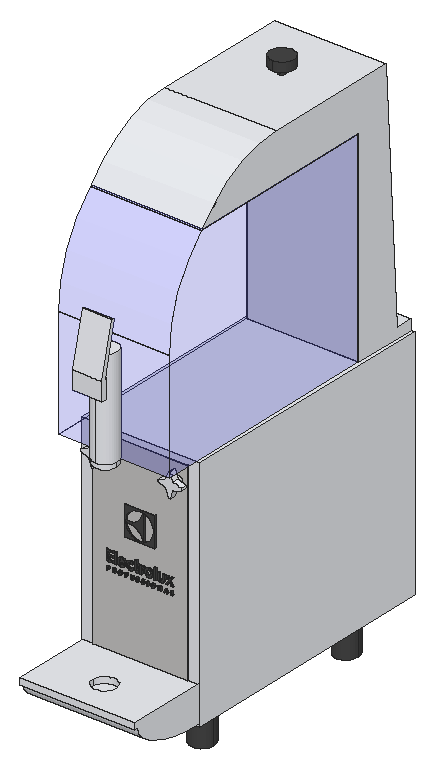
Revit family "QF_ELECTROLUXPROFESSIONAL_562548_IPRO1MR290", category Attrezzature speciali, Revit 2020
Family settings
  Quota connettore circolare = Usa diametro
  Tipo di parte = Normale
  Basato su piano di lavoro = No
  Sempre verticale = Sì
  Taglio con vuoti quando caricato = No
  Condiviso = No
  Punto di calcolo locali = No
Parameters (values of type "Standard")
  Weight = 39.00 kg
  Watts = 480 W
  Volts = 220 V
  URL Manufacturer = "https://www.electroluxprofessional.com/"
  URL = "https://www.electroluxprofessional.com/"
  Steam Supply Size = 0 mm
  Steam Supply Minimum Pressure = 0.0 Pa
  Steam Supply Maximum Pressure = 0.0 Pa
  Steam Consumption per Hour = 0
  Show Logo [instance] = yes
  Show Clearance [instance] = yes
  Refrigeration Suction Line Size = 0 mm
  Refrigeration Liquid Line Size = 0 mm
  Refrigerant Compressor Remote = yes
  Prospetto di default = 0 mm
  Produttore = "Electrolux Professional"
  Phase = 1
  Modello = "IPRO1MR290"
  Length Actual = 200 mm  # constant formula
  Item Number = "562548"
  Hot Water Size = 0 mm
  Height Actual = 870 mm  # constant formula
  HP = "0.6 HP"
  Gas Size = 0 mm
  Gas KW = 0
  Gas Input Pressure = 0 W
  Direct Waste Size = 0 mm
  Descrizione = "1X11 LT BOWL - FROZEN GRANITA DISPENSER - MECHANICAL CONTROL - 1 INSULATED BOWL - WHITE, R290"
  Depth Actual = 580 mm  # constant formula
  Cycle = 50 Hz
  Condensate Return Size = 0 mm
  Compressed Air Volume = 0.0 L/s
  Compressed Air Size = 0 mm
  Compressed Air Pressure = 0.0 Pa
  Cold Water Size = 0 mm
  Accessory = yes
Reference planes
  plane 1: z = 0
  plane 2 "LEFT": x = -300
  plane 3 "BACK": y = 282.5
  plane 4: z = 876
  plane 5: z = 449
  plane 6: z = 113
  plane 7: z = 903
  plane 8: x = -100.125
  plane 9: y = -305.294
Forms (mm)
  Extrusion 1, solid, material "QF_Finishes_White"
    sketch origin (0, 0, 0) x (1, 0, 0) y (0, 1, 0)
      loop
        line (-300, 282.5) -> (-300, -171.294) -> (-100.125, -171.294) -> (-100.125, 282.5) -> (-300, 282.5)
    from 50 to 449
  Extrusion 2, solid, material "QF_Finishes_Stainless Steel"
    sketch origin (15.789, -8.294, 3) x (1, 0, 0) y (0, 1, 0)
      loop
        line (-135.914, -163) -> (-295.914, -163) -> (-295.914, -163.8) -> (-135.914, -163.8) -> (-135.914, -163)
    from 110 to 436
  Extrusion 3, solid, material "QF_Finishes_Stainless Steel"
    sketch origin (-546.596, -222.273, 48) x (0, -1, 0) y (1, 0, 0)
      loop
        line (-163.023, 407.596) -> (-163.023, 427.596) -> (-183.023, 427.596) -> (-183.023, 407.596) -> (-163.023, 407.596)
    from 0 to 2
Dimensions and locks
  plane 4 to level = 876 mm
  level to plane 7 = 903 mm
  plane 6 to level = 113 mm
  plane 5 to plane 6 = 336 mm
  plane 3 "BACK" to nested 12 = 569.125 mm
  Extrusion 1 to nested 5 = 587.794 mm
  plane 2 "LEFT" to plane 8 = 199.875 mm
  plane 9 to plane 3 "BACK" = 587.794 mm
  aligned and locked: level to plane 1
Nested families
  nested 1: "MANOPOLA BEVERAGE" at (-265, -172.094, 413) x (0, 0, 1) z (0, -1, 0), type "MANOPOLA BEVERAGE"
  nested 2: "MANOPOLA BEVERAGE" at (-135.125, -172.094, 413) x (0, 0, 1) z (0, -1, 0), type "MANOPOLA BEVERAGE"
  nested 3: "MANOPOLA APERTURA BEVERAGE " at (-198.5, 124.79, 876) x (0, 1, 0) z (0, 0, 1), type "MANOPOLA APERTURA BEVERAGE "
  nested 4: "PORTAGRANITE BEVERAGE-taller" at (-200, 28.972, 449), type "PORTAGRANITE BEVERAGE-taller"
  nested 5: "VASCHETTA BEVERAGE" at (-200.063, -171.294, 83) x (1, 0, 0) z (0, -1, 0), type "VASCHETTA BEVERAGE"
  nested 6: "ELXP_LOGO_ONLY_MEDIUM" at (-200.125, -172.094, 319) x (1, 0, 0) z (0, -1, 0), Show Logo <- "Show Logo", visible <- "Show Logo", type "ELXP_LOGO_ONLY_MEDIUM"
    with Show Logo yes
  nested 7: "ELX_LOGO_WORDS_MEDIUM" at (-200, -172.094, 249.611) x (1, 0, 0) z (0, -1, 0), visible <- "Show Logo", Show Logo <- "Show Logo", type "ELX_LOGO_WORDS_MEDIUM"
    with Show Logo yes
  nested 8: "Piedino 50x40 BEVERAGE" at (-271, 174.5, 0), type "Piedino 50x40 BEVERAGE"
    with H 150 mm
  nested 9: "Piedino 50x40 BEVERAGE" at (-271, -130.5, 0), type "Piedino 50x40 BEVERAGE"
    with H 150 mm
  nested 10: "Piedino 50x40 BEVERAGE" at (-129, 174.5, 0), type "Piedino 50x40 BEVERAGE"
    with H 150 mm
  nested 11: "Piedino 50x40 BEVERAGE" at (-129, -130.5, 0), type "Piedino 50x40 BEVERAGE"
    with H 150 mm
  nested 12: "BOCCHETTONE BEVERAGE_large" at (-198.625, -228.664, 567) x (1, 0, 0) z (0, -1, 0), type "BOCCHETTONE BEVERAGE_large"
Connectors
  electrical at (-129, -49.25, 48), driven by "Volts"
    settings: on Extrusion 3, index 73, voltage 220 V, apparent load 0 VA, apparent load phase1 0 VA, apparent load phase2 0 VA, apparent load phase3 0 VA, power factor 1, load classification "Altro", number of poles 1, system type 30, power factor state 1, is connector primary yes, connector utility no, sub classification motor no, connector description "Electrical Connection"
Definition of nested family "MANOPOLA BEVERAGE"
  Parameters (values of type "MANOPOLA BEVERAGE")
    Default Elevation = 1219.2 mm
  Reference planes
    plane 1 "Centro (Fronte/Retro)": y = 0
    plane 2: z = 0
    plane 3 "Centro (Sinistra/Destra)": x = 0
    plane 4: z = 20
  Forms (mm)
    Extrusion 1, solid
      sketch origin (0, 0, 0) x (1, 0, 0) y (0, 1, 0)
        loop
          line (-1219.2, 1219.2) -> (-1219.2, -1219.2) -> (1219.2, -1219.2) -> (1219.2, 1219.2) -> (-1219.2, 1219.2)
      from 0 to -304.8
    Extrusion 2, solid
      sketch origin (0, 0, 10) x (1, 0, 0) y (0, 1, 0)
        loop
          line (-20, -1.333) -> (-6.314, -6.314) -> (-1.333, -20) -> (1.333, -20) -> (6.314, -6.314) -> (20, -1.333) -> (20, 1.333) -> (6.314, 6.314) -> (1.333, 20) -> (-1.333, 20) -> (-6.314, 6.314) -> (-20, 1.333) -> (-20, -1.333)
      from 0 to 10
    Extrusion 3, solid
      sketch origin (0, 0, 0) x (1, 0, 0) y (0, 1, 0)
        loop
          circle (0, 0) r 5
      from 0 to 10
  Dimensions and locks
    aligned and locked: plane 2 to Extrusion 1
    aligned and locked: level to Extrusion 1
Definition of nested family "MANOPOLA APERTURA BEVERAGE "
  Parameters (values of type "MANOPOLA APERTURA BEVERAGE ")
    Default Elevation = 1219.2 mm
  Reference planes
    plane 1 "Centro (Fronte/Retro)": y = 0
    plane 2: z = 0
    plane 3 "Centro (Sinistra/Destra)": x = 0
    plane 4: z = 27
  Forms (mm)
    Extrusion 1, solid
      sketch origin (0, 0, 0) x (1, 0, 0) y (0, 1, 0)
        loop
          line (-1219.2, 1219.2) -> (-1219.2, -1219.2) -> (1219.2, -1219.2) -> (1219.2, 1219.2) -> (-1219.2, 1219.2)
      from 0 to -304.8
    Extrusion 2, solid
      sketch origin (0, 0, 0) x (1, 0, 0) y (0, 1, 0)
        loop
          circle (0, 0) r 5
      from 0 to 12
    Extrusion 3, solid
      sketch origin (0, 0, 12) x (1, 0, 0) y (0, 1, 0)
        loop
          circle (0, 0) r 20
      from 0 to 15
  Dimensions and locks
    Extrusion 1 to plane 4 = 27 mm
    aligned and locked: plane 2 to Extrusion 1
    aligned and locked: level to Extrusion 1
Definition of nested family "PORTAGRANITE BEVERAGE-taller"
  Parameters (values of type "PORTAGRANITE BEVERAGE-taller")
    Default Elevation = 1219.2 mm
  Reference planes
    plane 1 "Centro (Fronte/Retro)": y = 0
    plane 2: z = 0
    plane 3 "Centro (Sinistra/Destra)": x = 0
    plane 4: y = -36.472
    plane 5: z = 340
    plane 6: x = -94
    plane 7: x = 94
    plane 8: y = 253.528
    plane 9: y = -257.636
  Forms (mm)
    Extrusion 1, solid
      sketch origin (0, 0, 0) x (1, 0, 0) y (0, 1, 0)
        loop
          line (-1219.2, 1219.2) -> (-1219.2, -1219.2) -> (1219.2, -1219.2) -> (1219.2, 1219.2) -> (-1219.2, 1219.2)
      from 0 to -304.8
    Extrusion 2, solid
      sketch origin (-94, -28.972, -376) x (0, 1, 0) y (0, 0, 1)
        loop
          line (172.5, 723) -> (172.5, 376) -> (282.5, 376) -> (282.5, 393) -> (251.241, 393) -> (229.754, 803) -> (-2.5, 803)
          arc (-2.5, 803) -> (-89.678, 781.819) -> (-157.419, 723) r 190
          line (-157.419, 723) -> (172.5, 723)
      from 0 to 188
    Extrusion 3, solid
      sketch origin (-101.5, -28.972, -378) x (0, 1, 0) y (0, 0, 1)
        loop
          line (170.5, 378) -> (170.5, 723) -> (-159.213, 723)
          arc (-159.213, 723) -> (-210.545, 650.651) -> (-228.664, 563.812) r 217.164
          line (-228.664, 563.812) -> (-228.664, 378) -> (170.5, 378)
      from 7.5 to 195.5
  Dimensions and locks
    plane 6 to plane 7 = 188 mm
    plane 9 to plane 8 = 511.164 mm
    aligned and locked: plane 2 to Extrusion 1
    aligned and locked: level to Extrusion 1
Definition of nested family "VASCHETTA BEVERAGE"
  Parameters (values of type "VASCHETTA BEVERAGE")
    Default Elevation = 1219.2 mm
  Reference planes
    plane 1 "Centro (Fronte/Retro)": y = 0
    plane 2: z = 0
    plane 3 "Centro (Sinistra/Destra)": x = 0
  Forms (mm)
    Extrusion 1, solid
      sketch origin (0, 0, 0) x (1, 0, 0) y (0, 1, 0)
        loop
          line (-1219.2, 1219.2) -> (-1219.2, -1219.2) -> (1219.2, -1219.2) -> (1219.2, 1219.2) -> (-1219.2, 1219.2)
      from 0 to -304.8
    Extrusion 2, solid
      sketch origin (-97.5, -80, -167.5) x (0, 0, -1) y (0, 1, 0)
        loop
          line (-167.5, 110) -> (-301.5, 110) -> (-301.5, 100) -> (-296.403, 100)
          spline (-296.403, 100) -> (-294.717, 93.399) -> (-290.961, 86.937) -> (-285.195, 80.722) -> (-277.513, 74.853) -> (-268.041, 69.426) -> (-256.932, 64.529) -> (-244.367, 60.243) -> (-230.551, 56.637) -> (-215.709, 53.769) -> (-200.082, 51.686) -> (-183.925, 50.423) -> (-167.5, 50)
          line (-167.5, 50) -> (-167.5, 110)
      from 0 to 195
    Extrusion 3, void
      sketch origin (202.5, -80, -167.5) x (1, 0, 0) y (0, 0, -1)
        loop
          circle (-202.5, -244.664) r 20
      from 100 to 110
  Cuts and joins
    Extrusion 3 cuts Extrusion 2
  Dimensions and locks
    aligned and locked: plane 2 to Extrusion 1
    aligned and locked: level to Extrusion 1
Definition of nested family "ELXP_LOGO_ONLY_MEDIUM"
  Parameters (values of type "ELXP_LOGO_ONLY_MEDIUM")
    Show Logo [instance] = yes
    Default Elevation = 0 mm
  Reference planes
    plane 1 "Centro (Fronte/Retro)": y = 0
    plane 2: z = 0
    plane 3 "Centro (Sinistra/Destra)": x = 0
  Forms (mm)
    Extrusion 1, solid
      sketch origin (0, 0, 0) x (1, 0, 0) y (0, 1, 0)
        loop
          line (-1219.2, 1219.2) -> (-1219.2, -1219.2) -> (1219.2, -1219.2) -> (1219.2, 1219.2) -> (-1219.2, 1219.2)
      from 0 to -304.8
    Extrusion 2, solid, visible <- "Show Logo"
      sketch origin (15.862, -72.798, 0) x (1, 0, 0) y (0, 1, 0)
        loop
          line (-40.901, 47.952) -> (9.138, 47.952) -> (9.138, 97.923) -> (-40.901, 97.923) -> (-40.901, 47.952)
        loop
          line (-9.2, 95.47) -> (-9.2, 50.507)
          arc (-9.2, 50.507) -> (7.421, 72.988) -> (-9.2, 95.47) r 23.515
        loop
          line (-11.486, 92.214) -> (-11.486, 95.47)
          arc (-11.486, 95.47) -> (-30.185, 91.22) -> (-39.194, 74.292) r 23.044
          line (-39.194, 74.292) -> (-31.756, 74.292)
          arc (-31.756, 74.292) -> (-18.467, 79.686) -> (-11.486, 92.214) r 21.599
        loop
          arc (-39.194, 71.685) -> (-30.2, 54.618) -> (-11.486, 49.93) r 23.647
          line (-11.486, 49.93) -> (-11.486, 53.763)
          arc (-11.486, 53.763) -> (-18.467, 66.291) -> (-31.756, 71.685) r 21.599
          line (-31.756, 71.685) -> (-39.194, 71.685)
      from 0 to 1.644
  Dimensions and locks
    aligned and locked: plane 2 to Extrusion 1
    aligned and locked: level to Extrusion 1
Definition of nested family "ELX_LOGO_WORDS_MEDIUM"
  Parameters (values of type "ELX_LOGO_WORDS_MEDIUM")
    Show Logo [instance] = yes
    Default Elevation = 0 mm
  Reference planes
    plane 1 "Centro (Fronte/Retro)": y = 0
    plane 2: z = 0
    plane 3 "Centro (Sinistra/Destra)": x = 0
  Forms (mm)
    Extrusion 1, solid
      sketch origin (0, 0, 0) x (1, 0, 0) y (0, 1, 0)
        loop
          line (-1219.2, 1219.2) -> (-1219.2, -1219.2) -> (1219.2, -1219.2) -> (1219.2, 1219.2) -> (-1219.2, 1219.2)
      from 0 to -304.8
    Extrusion 2, solid, visible <- "Show Logo"
      sketch origin (0, 0, 0) x (1, 0, 0) y (0, 1, 0)
        loop
          line (-45.351, 15.842) -> (-56.505, 15.842) -> (-56.505, 2.853)
          arc (-56.505, 2.853) -> (-55.037, -0.691) -> (-51.493, -2.159) r 5.012
          line (-51.493, -2.159) -> (-45.135, -2.159) -> (-45.135, 0.755) -> (-50.767, 0.755)
          arc (-50.767, 0.755) -> (-52.618, 1.38) -> (-53.406, 3.168) r 2.423
          line (-53.406, 3.168) -> (-53.406, 5.743) -> (-45.833, 5.743) -> (-45.833, 8.668) -> (-53.406, 8.668) -> (-53.406, 12.925) -> (-45.351, 12.925) -> (-45.351, 15.842)
        loop
          line (-42.933, 15.842) -> (-42.933, -2.159) -> (-39.832, -2.159) -> (-39.832, 15.842) -> (-42.933, 15.842)
        loop
          line (24.405, 15.842) -> (24.405, -2.159) -> (27.508, -2.159) -> (27.508, 15.842) -> (24.405, 15.842)
        loop
          line (-34.705, 3.589) -> (-24.531, 3.589)
          arc (-24.531, 3.589) -> (-26.123, 9.178) -> (-31.565, 11.217) r 6.447
          arc (-31.565, 11.217) -> (-36.358, 8.786) -> (-37.726, 3.589) r 6.56
          arc (-37.726, 3.589) -> (-35.926, -0.757) -> (-31.58, -2.557) r 6.146
          arc (-31.58, -2.557) -> (-28.198, -2.058) -> (-25.362, -0.149) r 7.726
          line (-25.362, -0.149) -> (-27.199, 1.688)
          arc (-27.199, 1.688) -> (-29.61, 0.242) -> (-32.411, 0.485) r 4.558
          arc (-32.411, 0.485) -> (-34.119, 1.622) -> (-34.705, 3.589) r 3.019
        loop
          line (-34.628, 5.769) -> (-27.646, 5.769)
          arc (-27.646, 5.769) -> (-28.626, 7.83) -> (-30.779, 8.59) r 2.974
          arc (-30.779, 8.59) -> (-33.263, 7.943) -> (-34.628, 5.769) r 3.481
        loop
          line (-12.445, 7.067) -> (-10.499, 9.013)
          arc (-10.499, 9.013) -> (-12.94, 10.78) -> (-15.907, 11.309) r 6.746
          arc (-15.907, 11.309) -> (-20.432, 9.655) -> (-22.806, 5.463) r 6.977
          arc (-22.806, 5.463) -> (-18.803, -1.885) -> (-10.608, -0.191) r 7.026
          line (-10.608, -0.191) -> (-12.544, 1.745)
          arc (-12.544, 1.745) -> (-16.723, 0.362) -> (-19.717, 3.589) r 4.071
          arc (-19.717, 3.589) -> (-19.509, 6.14) -> (-17.752, 8.002) r 3.867
          arc (-17.752, 8.002) -> (-14.941, 8.431) -> (-12.445, 7.067) r 4.442
        loop
          line (-8.594, 15.842) -> (-8.594, 3.541)
          arc (-8.594, 3.541) -> (-8.326, 1.695) -> (-7.635, -0.038) r 7.951
          arc (-7.635, -0.038) -> (-5.422, -1.797) -> (-2.62, -2.167) r 5.297
          line (-2.62, -2.167) -> (-2.62, 0.738)
          arc (-2.62, 0.738) -> (-3.453, 0.802) -> (-4.23, 1.109) r 2.792
          arc (-4.23, 1.109) -> (-5.227, 2.163) -> (-5.494, 3.589) r 2.57
          line (-5.494, 3.589) -> (-5.494, 8.043) -> (-2.678, 8.043) -> (-2.678, 10.86) -> (-5.494, 10.86) -> (-5.494, 15.842) -> (-8.594, 15.842)
        loop
          arc (3.006, 4.684) -> (3.228, 5.982) -> (3.868, 7.133) r 3.911
          arc (3.868, 7.133) -> (5.725, 8.086) -> (7.812, 8.043) r 4.26
          line (7.812, 8.043) -> (7.812, 11.023)
          arc (7.812, 11.023) -> (5.085, 10.766) -> (3.006, 8.983) r 4.524
          line (3.006, 8.983) -> (3.006, 10.86) -> (-0.069, 10.86) -> (-0.069, -2.159) -> (3.006, -2.159) -> (3.006, 4.684)
        loop
          circle (15.393, 4.348) r 6.899
        loop
          circle (15.393, 4.348) r 4.181
        loop
          arc (38.69, 3.262) -> (37.924, 1.158) -> (35.848, 0.319) r 2.752
          arc (35.848, 0.319) -> (33.771, 1.158) -> (33.005, 3.262) r 2.752
          line (33.005, 3.262) -> (33.005, 10.859) -> (29.879, 10.859) -> (29.879, 3.004)
          arc (29.879, 3.004) -> (31.658, -1.052) -> (35.848, -2.489) r 5.512
          arc (35.848, -2.489) -> (40.084, -1.008) -> (41.815, 3.132) r 5.512
          line (41.815, 3.132) -> (41.815, 10.859) -> (38.69, 10.859) -> (38.69, 3.262)
        loop
          line (43.689, 10.859) -> (48.192, 4.746) -> (43.245, -2.164) -> (46.578, -2.164) -> (49.861, 2.422) -> (53.193, -2.164) -> (56.505, -2.164) -> (51.629, 4.817) -> (56.087, 10.859) -> (52.703, 10.859) -> (49.851, 6.995) -> (47.043, 10.859) -> (43.689, 10.859)
        loop
          line (-53.813, -9.621) -> (-56.285, -9.621) -> (-56.285, -15.847) -> (-54.932, -15.847) -> (-54.932, -13.703) -> (-53.437, -13.703)
          arc (-53.437, -13.703) -> (-51.764, -11.49) -> (-53.813, -9.621) r 2.058
        loop
          arc (-53.496, -12.48) -> (-52.984, -11.679) -> (-53.496, -10.879) r 0.881
          line (-53.496, -10.879) -> (-54.932, -10.879) -> (-54.932, -12.48) -> (-53.496, -12.48)
        loop
          line (-44.045, -9.621) -> (-46.56, -9.621) -> (-46.56, -15.847) -> (-45.207, -15.847) -> (-45.207, -13.703) -> (-43.898, -13.703) -> (-43.003, -15.847) -> (-41.55, -15.847) -> (-42.774, -13.222)
          arc (-42.774, -13.222) -> (-42.188, -12.521) -> (-41.991, -11.628) r 1.922
          arc (-41.991, -11.628) -> (-42.609, -10.206) -> (-44.045, -9.621) r 2.055
        loop
          line (-45.207, -10.879) -> (-45.207, -12.48) -> (-43.771, -12.48)
          arc (-43.771, -12.48) -> (-43.258, -11.679) -> (-43.771, -10.879) r 0.881
          line (-43.771, -10.879) -> (-45.207, -10.879)
        loop
          circle (-33.602, -12.734) r 3.233
        loop
          circle (-33.602, -12.734) r 2.052
        loop
          line (-25.054, -9.622) -> (-25.054, -15.847) -> (-23.734, -15.847) -> (-23.734, -13.671) -> (-21.392, -13.671) -> (-21.392, -12.276) -> (-23.734, -12.276) -> (-23.734, -10.963) -> (-21.167, -10.963) -> (-21.167, -9.622) -> (-25.054, -9.622)
        loop
          line (-15.917, -9.622) -> (-15.917, -13.825)
          arc (-15.917, -13.825) -> (-15.343, -15.249) -> (-13.926, -15.842) r 1.991
          line (-13.926, -15.842) -> (-11.917, -15.842) -> (-11.917, -14.666) -> (-13.806, -14.666)
          arc (-13.806, -14.666) -> (-14.501, -14.091) -> (-14.638, -13.198) r 1.267
          line (-14.638, -13.198) -> (-12.15, -13.198) -> (-12.15, -12.023) -> (-14.638, -12.023) -> (-14.638, -10.797) -> (-11.977, -10.797) -> (-11.977, -9.622) -> (-15.917, -9.622)
        loop
          arc (6.626, -10.41) -> (5.801, -9.733) -> (4.757, -9.518) r 2.228
          arc (4.757, -9.518) -> (3.792, -9.755) -> (2.999, -10.352) r 2.468
          arc (2.999, -10.352) -> (2.853, -11.766) -> (3.765, -12.856) r 1.825
          arc (3.765, -12.856) -> (4.531, -13.112) -> (5.259, -13.464) r 6.301
          arc (5.259, -13.464) -> (5.719, -14.005) -> (5.402, -14.641) r 0.645
          arc (5.402, -14.641) -> (4.814, -14.78) -> (4.228, -14.631) r 1.269
          arc (4.228, -14.631) -> (3.722, -14.266) -> (3.412, -13.725) r 1.474
          line (3.412, -13.725) -> (2.324, -14.233)
          arc (2.324, -14.233) -> (2.716, -14.99) -> (3.348, -15.561) r 2.393
          arc (3.348, -15.561) -> (4.065, -15.867) -> (4.841, -15.945) r 2.579
          arc (4.841, -15.945) -> (5.8, -15.754) -> (6.664, -15.295) r 3.369
          arc (6.664, -15.295) -> (7.045, -14.28) -> (6.848, -13.214) r 2.023
          arc (6.848, -13.214) -> (6.423, -12.723) -> (5.879, -12.368) r 2.346
          arc (5.879, -12.368) -> (5.19, -12.061) -> (4.485, -11.796) r 12.353
          arc (4.485, -11.796) -> (4.077, -11.162) -> (4.666, -10.692) r 0.562
          arc (4.666, -10.692) -> (5.372, -10.862) -> (5.915, -11.344) r 1.497
          line (5.915, -11.344) -> (6.626, -10.41)
        loop
          line (12.337, -9.622) -> (12.337, -15.842) -> (13.616, -15.842) -> (13.616, -9.622) -> (12.337, -9.622)
        loop
          circle (22.24, -12.732) r 1.935
        loop
          circle (22.24, -12.732) r 3.231
        loop
          line (30.821, -15.842) -> (32.114, -15.842) -> (32.114, -11.931) -> (34.96, -15.842) -> (36.203, -15.842) -> (36.203, -9.622) -> (34.911, -9.622) -> (34.911, -13.651) -> (32.065, -9.622) -> (30.821, -9.622) -> (30.821, -15.842)
        loop
          line (42.652, -15.842) -> (43.258, -14.5) -> (45.559, -14.5) -> (46.165, -15.842) -> (47.54, -15.842) -> (44.912, -9.622) -> (43.712, -9.622) -> (41.279, -15.842) -> (42.652, -15.842)
        loop
          line (44.985, -13.224) -> (44.369, -11.857) -> (43.77, -13.224) -> (44.985, -13.224)
        loop
          line (53.893, -14.666) -> (53.893, -9.622) -> (52.614, -9.622) -> (52.614, -15.842) -> (56.285, -15.842) -> (56.285, -14.666) -> (53.893, -14.666)
        loop
          arc (-2.701, -10.41) -> (-3.525, -9.733) -> (-4.57, -9.518) r 2.228
          arc (-4.57, -9.518) -> (-5.534, -9.755) -> (-6.327, -10.352) r 2.468
          arc (-6.327, -10.352) -> (-6.473, -11.766) -> (-5.562, -12.856) r 1.825
          arc (-5.562, -12.856) -> (-4.795, -13.112) -> (-4.067, -13.464) r 6.301
          arc (-4.067, -13.464) -> (-3.608, -14.005) -> (-3.924, -14.641) r 0.645
          arc (-3.924, -14.641) -> (-4.512, -14.78) -> (-5.098, -14.631) r 1.269
          arc (-5.098, -14.631) -> (-5.604, -14.266) -> (-5.914, -13.725) r 1.474
          line (-5.914, -13.725) -> (-7.002, -14.233)
          arc (-7.002, -14.233) -> (-6.61, -14.99) -> (-5.978, -15.561) r 2.393
          arc (-5.978, -15.561) -> (-5.261, -15.867) -> (-4.485, -15.945) r 2.579
          arc (-4.485, -15.945) -> (-3.526, -15.754) -> (-2.663, -15.295) r 3.369
          arc (-2.663, -15.295) -> (-2.281, -14.28) -> (-2.478, -13.214) r 2.023
          arc (-2.478, -13.214) -> (-2.903, -12.723) -> (-3.448, -12.368) r 2.346
          arc (-3.448, -12.368) -> (-4.136, -12.061) -> (-4.842, -11.796) r 12.353
          arc (-4.842, -11.796) -> (-5.249, -11.162) -> (-4.66, -10.692) r 0.562
          arc (-4.66, -10.692) -> (-3.954, -10.862) -> (-3.412, -11.344) r 1.497
          line (-3.412, -11.344) -> (-2.701, -10.41)
      from 0 to 1.644
  Dimensions and locks
    aligned and locked: plane 2 to Extrusion 1
    aligned and locked: level to Extrusion 1
Definition of nested family "Piedino 50x40 BEVERAGE"
  Parameters (values of type "Piedino 50x40 BEVERAGE")
    Default Elevation = 0 mm
    H [instance] = 150 mm
  Reference planes
    plane 1 "Centro (Fronte/Retro)": y = 0
    plane 2: z = 0
    plane 3 "Centro (Sinistra/Destra)": x = 0
  Forms (mm)
    Revolve 1, solid
      sketch origin (55, 0, 0) x (-1, 0, 0) y (0, 0, -1)
        loop
          line (55, 0) -> (35, 0) -> (35, -50) -> (55, -50) -> (55, 0)
        axis (55, 0) -> (55, -50)
      angle from 0 to 360
  Dimensions and locks
    aligned and locked: level to plane 2
Definition of nested family "BOCCHETTONE BEVERAGE_large"
  Parameters (values of type "BOCCHETTONE BEVERAGE_large")
    Default Elevation = 1219.2 mm
  Reference planes
    plane 1 "Centro (Fronte/Retro)": y = 0
    plane 2: z = 0
    plane 3 "Centro (Sinistra/Destra)": x = 0
  Forms (mm)
    Extrusion 1, solid
      sketch origin (0, 0, 0) x (1, 0, 0) y (0, 1, 0)
        loop
          line (-1219.2, 1219.2) -> (-1219.2, -1219.2) -> (1219.2, -1219.2) -> (1219.2, 1219.2) -> (-1219.2, 1219.2)
      from 0 to -304.8
    Extrusion 2, solid
      sketch origin (0, -43, 20) x (0, 0, 1) y (1, 0, 0)
        loop
          circle (0, 0) r 20
      from -66.056 to 100
    Extrusion 3, void
      sketch origin (0, -118, 35.961) x (1, 0, 0) y (0, 0, -1)
        loop
          line (-27.179, -16.141) -> (-21.226, -10.188) -> (-6.226, -10.188) -> (-6.226, 12.684) -> (-27.179, 12.684) -> (-27.179, -16.141)
        loop
          line (27.179, -16.141) -> (27.179, 12.684) -> (6.226, 12.684) -> (6.226, -10.188) -> (21.226, -10.188) -> (27.179, -16.141)
      from 104.337 to 159.894
    Extrusion 4, solid
      sketch origin (25, -88.779, 20) x (0, 0, 1) y (0, 1, 0)
        loop
          line (11.922, 118.779) -> (11.922, 88.779) -> (37.961, 88.779) -> (37.961, 119.393) -> (16.929, 203.749) -> (12.077, 202.539) -> (32.961, 118.779) -> (11.922, 118.779)
      from 0 to 50
    Extrusion 5, solid
      sketch origin (0, -118, 35.961) x (1, 0, 0) y (0, 0, -1)
        loop
          circle (0, 15.97) r 19
      from 0 to 8.944
  Cuts and joins
    Extrusion 3 cuts Extrusion 4
    joined: Extrusion 2, Extrusion 4
  Dimensions and locks
    aligned and locked: plane 2 to Extrusion 1
    aligned and locked: level to Extrusion 1
